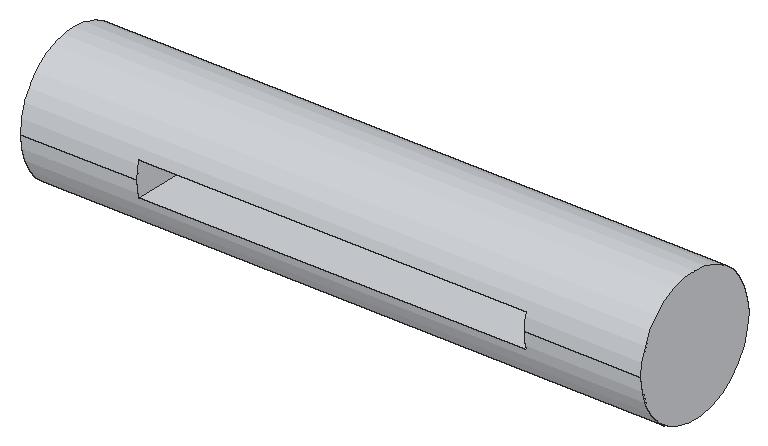
Revit family "Kro-X Senterløp", category Duct Accessories, Revit 2019
Family settings
  Round Connector Dimension = Use Diameter
  Part Type = Breaks Into
  Work Plane-Based = No
  Always vertical = Yes
  Cut with Voids When Loaded = No
  Shared = No
Parameters (values of type "Senterløp")
  URL = "www.kroproduksjon.no"
  Type Comments = ""
  Model = "KroX - Senterløp"
  Manufacturer = "Kro Produksjon AS"
  Lookup Table Name [instance] = "Kanal"
  L1Lengde [instance] = size_lookup(Lookup Table Name, "L1Lengde", 580 mm, D1Dimensjon)  # 580 mm
  Høyde gjennomføring = 32 mm
  Description = "Våre kanalkryss gir kun 7 Pa i trykkfall, i begge rør, ved en hastighet på 7 m/s. Ingen lyd ved 5-10 m/s i kanalene."
  D1Dimensjon [instance] = 125 mm
  Bredde gjennomføring = 362 mm
Reference planes
  plane 1 "Center (Front/Back)": y = 0
  plane 2: z = 0
  plane 3 "Center (Left/Right)": x = 0
  plane 4 "Høyre": x = 290
  plane 5 "Venstre": x = -290
  plane 6 "side": y = -209.791
  plane 7 "side1": y = 209.791
  plane 8: x = 181
  plane 9: x = -181
Forms (mm)
  Extrusion 1, solid
    sketch origin (0, 0, 0) x (0, 1, 0) y (0, 0, 1)
      loop
        circle (0, 0) r 62.5
    from -290 to 290
  Extrusion 2, void
    sketch origin (0, -110, 0) x (-1, 0, 0) y (0, 0, 1)
      loop
        line (181, 16) -> (-181, 16) -> (-181, -16) -> (181, -16) -> (181, 16)
    from -99.791 to 319.791
Cuts and joins
  Extrusion 2 cuts Extrusion 1
Text (mm)
  text "Våre kanalkryss gir kun 7 Pa i trykkfall, i begge rør, ved en hastighet på 7 m/s.\nIngen lyd ved 5-10 m/s i kanalene." at (555.762, 266.327, 0), in view "Ref. Level"
Dimensions and locks
  "L1Lengde": plane 5 "Venstre" to plane 4 "Høyre"
  equal spacing: plane 5 "Venstre", plane 3 "Center (Left/Right)", plane 4 "Høyre"
  "Høyde gjennomføring": Extrusion 2 sketch curve to Extrusion 2 sketch curve
  equal spacing: plane 6 "side", plane 1 "Center (Front/Back)", plane 7 "side1"
  plane 6 "side" to plane 7 "side1" = 419.583 mm
  equal spacing: plane 8, plane 3 "Center (Left/Right)", plane 9  (x2)
  "Bredde gjennomføring": plane 8 to plane 9
  equal spacing: cut or joined group of Extrusion 1, Extrusion 2, level, cut or joined group of Extrusion 1, Extrusion 2  (x2)
  "D1Dimensjon": diameter of Extrusion 1 sketch curve
  aligned and locked: level to plane 2
  aligned and locked: Extrusion 1 to plane 5 "Venstre"
  aligned and locked: plane 4 "Høyre" to Extrusion 1
  aligned and locked: Extrusion 2 to plane 6 "side"
  aligned and locked: Extrusion 2 to plane 7 "side1"
  aligned and locked: Extrusion 2 to plane 9
  aligned and locked: plane 8 to Extrusion 2
Automatic sketch dimensions
  Extrusion 1 sketch curve to level = 0 mm
  Extrusion 1 sketch curve to plane 1 "Center (Front/Back)" = 0 mm
  Extrusion 2 sketch curve to plane 8 = 0 mm
  Extrusion 2 sketch curve to plane 9 = 0 mm
  Extrusion 2 sketch curve to level = 16 mm
Connectors
  hvac at (-290, 0, 0), driven by "D1Dimensjon"
    settings: on Extrusion 1, index 1, duct flow 0.0 L/s, flow factor 0, pres drop 0.0 Pa, loss coef 0, conn angle 0.00°, conn width 304.8 mm, conn height 304.8 mm, conn diameter 125 mm, duct sys type 28, conn prof type 0, flow config 0, flow direction 0, loss method 0, conn ref index -1, conn util no, is conn primary yes, conn desc ""
  hvac at (290, 0, 0), driven by "D1Dimensjon"
    settings: on Extrusion 1, index 2, duct flow 0.0 L/s, flow factor 0, pres drop 0.0 Pa, loss coef 0, conn angle 0.00°, conn width 304.8 mm, conn height 304.8 mm, conn diameter 125 mm, duct sys type 28, conn prof type 0, flow config 0, flow direction 0, loss method 0, conn ref index -1, conn util no, is conn primary no, conn desc ""
